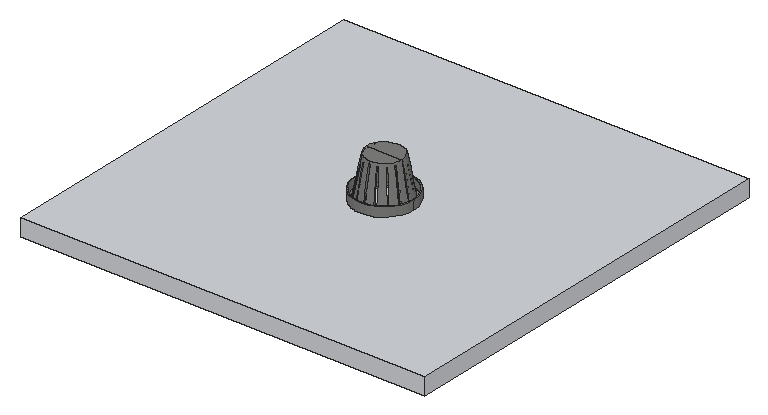
Revit family
Parameters (values of type "4"")
  URL = "WWW.MIFAB.COM"
  Top Diameter = 14.125"
  Roof Drain = Roof Drain
  R1 = 5.000"
  Pipe Radius = 2.000"
  Pipe Diameter = Pipe Radius * 2  # 4.000"
  Model = "R1200-R"
  Manufacturer = "MIFAB"
  H3 = Body Height / 3.375  # 1.81481"
  H2 = Body Height / 1.99  # 3.07789"
  H1 = Body Height / 1.53  # 4.00327"
  Description = "LARGE SUMP ROOF DRAIN WITH PARABOLIC FLOW CONTROL WEIR"
  Default Elevation = 48.000"
  Body Height = 6.125"
Types (7): name | Pipe Radius | Pipe Diameter | H3 | H2 | H1 | Body Height
  (no name) | 2.000" | 4.000" | 1.81481" | 3.07789" | 4.00327" | 6.125"
  4" | 2.000" | 4.000" | 1.81481" | 3.07789" | 4.00327" | 6.125"
  2" | 1.000" | 2.000" | 1.81481" | 3.07789" | 4.00327" | 6.125"
  3" | 1.500" | 3.000" | 1.81481" | 3.07789" | 4.00327" | 6.125"
  5" | 2.500" | 5.000" | 1.81481" | 3.07789" | 4.00327" | 6.125"
  6" | 3.000" | 6.000" | 2.37037" | 4.0201" | 5.22876" | 8.000"
  8" | 4.000" | 8.000" | 2.37037" | 4.0201" | 5.22876" | 8.000"
Reference planes (in)
  plane 1 "Center (Front/Back)": y = 0
  plane 2: z = 0
  plane 3 "Center (Left/Right)": x = 0
  plane 4: x = 2.2
  plane 5: x = 4.25
  plane 6: x = 4.5
  plane 7: x = 5
  plane 8: x = 7.0625
  plane 9: x = 2
  plane 10: z = -6.125
  plane 11: z = -4.00327
  plane 12: z = -3.07789
  plane 13: z = -0.2
  plane 14: z = 0.2085
  plane 15: z = -1.81481
  plane 16: x = 4.2
  plane 17: z = 9.7
  plane 18: x = 6
  plane 19: x = -0.25
  plane 20: x = 0.25
  plane 21: z = 9.2
  plane 22: z = 0.7085
  plane 23: x = -7.0625
  plane 24: x = -4.2
  plane 25: z = 2.2
Forms (in)
  Extrusion 1, solid
    sketch origin (0, 0, 0) x (1, 0, 0) y (0, 1, 0)
      loop
        line (-48, 48) -> (-48, -48) -> (48, -48) -> (48, 48) -> (-48, 48)
    from 0 to -4
  Revolve 2, solid, material "Roof Drain" <- "Roof Drain"
    sketch origin (0, 0, 0) x (1, 0, 0) y (0, 0, 1)
      loop
        line (2.2, -6.125) -> (2.2, -4.00327) -> (4.25, -4.00327) -> (4.5, -0.2) -> (5, -0.2) -> (5, 0) -> (7.0625, 0) -> (7.0625, 2.2) -> (6.8625, 2.2) -> (6.8625, 0.2085) -> (4.31396, 0.2085) -> (4.05026, -3.80327) -> (2, -3.80327) -> (2, -6.125) -> (2.2, -6.125)
      axis (0, 2.2) -> (0, -6.125)
    angle from 0 to 360
  Revolve 3, solid, material "Roof Drain" <- "Roof Drain"
    sketch origin (0, 0, 0) x (1, 0, 0) y (0, 0, 1)
      loop
        line (0, 9.7) -> (0, 9.5) -> (4.03436, 9.5) -> (5.79644, 0.2085) -> (6, 0.2085) -> (4.2, 9.7) -> (0, 9.7)
      axis (0, 0.2085) -> (0, 9.7)
    angle from 0 to 360
  Extrusion 4, void
    sketch origin (0, 0, 0) x (1, 0, 0) y (0, 0, 1)
      loop
        line (-0.25, 9.2) -> (-0.25, 0.7085) -> (0.25, 0.7085) -> (0.25, 9.2) -> (-0.25, 9.2)
    from -6.43838 to 6.34689
  Extrusion 5, void
    sketch origin (0, 0, 0) x (0.92388, -0.382683, 0) y (0, 0, 1)
      loop
        line (-0.25, 9.2) -> (-0.25, 0.7085) -> (0.25, 0.7085) -> (0.25, 9.2) -> (-0.25, 9.2)
    from -6.43838 to 6.34689
  Extrusion 6, void
    sketch origin (0, 0, 0) x (0.92388, 0.382683, 0) y (0, 0, 1)
      loop
        line (-0.25, 9.2) -> (-0.25, 0.7085) -> (0.25, 0.7085) -> (0.25, 9.2) -> (-0.25, 9.2)
    from -6.43838 to 6.34689
  Extrusion 7, void
    sketch origin (0, 0, 0) x (0.707107, 0.707107, 0) y (0, 0, 1)
      loop
        line (-0.25, 9.2) -> (-0.25, 0.7085) -> (0.25, 0.7085) -> (0.25, 9.2) -> (-0.25, 9.2)
    from -6.43838 to 6.34689
  Extrusion 8, void
    sketch origin (0, 0, 0) x (0.382683, 0.92388, 0) y (0, 0, 1)
      loop
        line (-0.25, 9.2) -> (-0.25, 0.7085) -> (0.25, 0.7085) -> (0.25, 9.2) -> (-0.25, 9.2)
    from -6.43838 to 6.34689
  Extrusion 9, void
    sketch origin (0, 0, 0) x (0, 1, 0) y (0, 0, 1)
      loop
        line (-0.25, 9.2) -> (-0.25, 0.7085) -> (0.25, 0.7085) -> (0.25, 9.2) -> (-0.25, 9.2)
    from -6.43838 to 6.34689
  Extrusion 10, void
    sketch origin (0, 0, 0) x (-0.382683, 0.92388, 0) y (0, 0, 1)
      loop
        line (-0.25, 9.2) -> (-0.25, 0.7085) -> (0.25, 0.7085) -> (0.25, 9.2) -> (-0.25, 9.2)
    from -6.43838 to 6.34689
  Extrusion 11, void
    sketch origin (0, 0, 0) x (-0.707107, 0.707107, 0) y (0, 0, 1)
      loop
        line (-0.25, 9.2) -> (-0.25, 0.7085) -> (0.25, 0.7085) -> (0.25, 9.2) -> (-0.25, 9.2)
    from -6.43838 to 6.34689
Cuts and joins
  Extrusion 4, Extrusion 5, Extrusion 6, Extrusion 7, Extrusion 8, Extrusion 9, Extrusion 10, Extrusion 11 cuts Revolve 3
Dimensions and locks (in)
  "Pipe Radius": plane 9 to plane 3 "Center (Left/Right)"
  locked: plane 4 to plane 9 at 0.2
  "R1": plane 7 to plane 3 "Center (Left/Right)"
  locked: plane 5 to plane 3 "Center (Left/Right)" at 4.25
  locked: plane 6 to plane 3 "Center (Left/Right)" at 4.5
  "Body Height": level to plane 10
  level to plane 13 = 0.200"
  "H3": level to plane 15
  "H2": Extrusion 1 to plane 12
  "H1": level to plane 11
  locked: plane 18 to plane 3 "Center (Left/Right)" at 6
  locked: plane 17 to Revolve 3 sketch curve at 0.2
  locked: Revolve 3 sketch curve to Revolve 3 sketch curve at 0.2
  locked: Revolve 2 sketch curve to Revolve 2 sketch curve at 0.2
  locked: Revolve 2 sketch curve to Revolve 2 sketch curve at 0.21243
  locked: plane 17 to plane 21 at 0.5
  locked: plane 22 to plane 14 at 0.5
  equal spacing: plane 23, plane 3 "Center (Left/Right)", plane 8
  "Top Diameter": plane 23 to plane 8
  plane 24 to plane 16 = 8.400"
  plane 24 to plane 3 "Center (Left/Right)" to plane 16 = 4.200" locked, 4.200" locked
  plane 25 to level = 2.200"
  locked: plane 8 to Revolve 2 sketch curve at 0.2
  plane 17 to plane 25 = 7.500"
  aligned and locked: plane 2 to Extrusion 1
  aligned and locked: level to Extrusion 1
  aligned and locked: Revolve 2 sketch curve to plane 10
  aligned and locked: Revolve 2 sketch curve to plane 4
  aligned and locked: Revolve 2 sketch curve to plane 13
  aligned and locked: Revolve 2 sketch curve to plane 7
  aligned and locked: Extrusion 1 to Revolve 2 sketch curve
  aligned and locked: Revolve 2 sketch curve to plane 14
  aligned and locked: Revolve 2 sketch curve to plane 3 "Center (Left/Right)"
  aligned and locked: plane 9 to Revolve 2 sketch curve
  aligned and locked: Revolve 2 sketch curve to plane 11
  aligned and locked: plane 3 "Center (Left/Right)" to Revolve 3 sketch curve  (x2)
  aligned and locked: Revolve 3 sketch curve to plane 17
  aligned and locked: plane 16 to Revolve 3 sketch curve
  aligned and locked: Revolve 3 sketch curve to plane 14
  aligned and locked: Revolve 2 sketch curve to plane 25
  aligned and locked: Revolve 2 sketch curve to plane 8
Automatic sketch dimensions
  Extrusion 1 sketch curve to Extrusion 1 sketch curve = 96.000"  (x2)
  Revolve 3 sketch curve to plane 18 = 0.000"
  Revolve 3 sketch curve to Revolve 3 sketch curve = 5.000"
  Revolve 3 sketch curve to Revolve 3 sketch curve = 1.750"
  Extrusion 4 sketch curve to Extrusion 4 sketch curve = 0.500"
  Extrusion 4 sketch curve to Extrusion 4 sketch curve = 8.4915"
  Extrusion 5 sketch curve to Extrusion 5 sketch curve = 0.500"
  Extrusion 5 sketch curve to Extrusion 5 sketch curve = 8.4915"
  Extrusion 6 sketch curve to Extrusion 6 sketch curve = 0.500"
  Extrusion 6 sketch curve to Extrusion 6 sketch curve = 8.4915"
  Extrusion 7 sketch curve to Extrusion 7 sketch curve = 0.500"
  Extrusion 7 sketch curve to Extrusion 7 sketch curve = 8.4915"
  Extrusion 8 sketch curve to Extrusion 8 sketch curve = 0.500"
  Extrusion 8 sketch curve to Extrusion 8 sketch curve = 8.4915"
  Extrusion 9 sketch curve to Extrusion 9 sketch curve = 0.500"
  Extrusion 9 sketch curve to Extrusion 9 sketch curve = 8.4915"
  Extrusion 10 sketch curve to Extrusion 10 sketch curve = 0.500"
  Extrusion 10 sketch curve to Extrusion 10 sketch curve = 8.4915"
  Extrusion 11 sketch curve to Extrusion 11 sketch curve = 0.500"
  Extrusion 11 sketch curve to Extrusion 11 sketch curve = 8.4915"
  Revolve 2 sketch curve to plane 5 = 0.000"
  Revolve 2 sketch curve to plane 6 = 0.000"
  plane 10 to Revolve 2 sketch curve = 5.000"
  Revolve 2 sketch curve to Revolve 2 sketch curve = 11.000"
Connectors (in)
  piping at (0, 0, -6.125), driven by "Pipe Radius"
    settings: on Revolve 2, index 1, connector radius 2", flow factor 0, pipe flow 0 GPM, pressure drop 0.00 psi, fitting loss kfactor 0, connector angle 0.00°, fixture units 0, flow configuration 0, flow direction 2, fitting loss method 0, system type 16, connector reference index -1, connector utility 0, adjustable connector no, is connector primary yes, fitting loss table "", connector description ""
